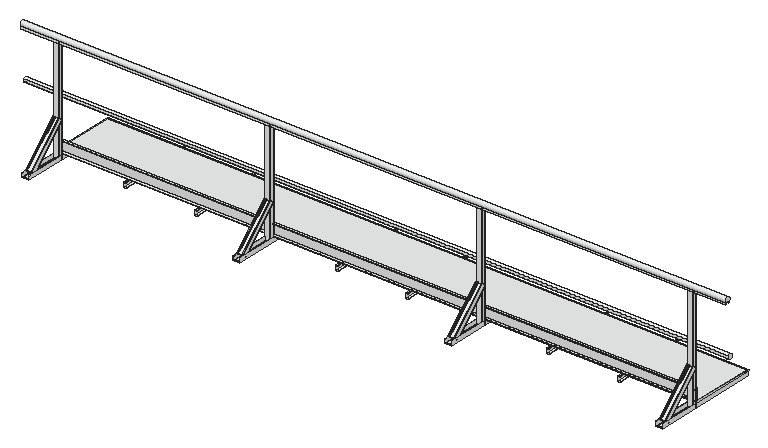
Revit family "Walkway_Kattsafe_Guardrail1Side", category Specialty Equipment, Revit 2025
Family settings
  Round Connector Dimension = Use Diameter
  Part Type = Normal
  OmniClass Number = 23.13.41.19
  Enable Cutting in Views = No
  Cut with Voids When Loaded = No
  Maintain Annotation Orientation = No
  Shared = No
  Room Calculation Point = No
Parameters (values of type "Across Slope (GW4)")
  WalkwayWidth = 600 mm  # constant formula
  WalkwayMaterial = Aluminum_Kattsafe_Mesh_Walkway
  WalkwayAngleEnd2 [instance] = 0.00°
  WalkwayAngleEnd1 [instance] = 0.00°
  Uniclass2015Version = "Products v1.23"
  Uniclass2015Title = "Working platforms"
  Uniclass2015Code = "Pr_40_70_75_96"
  URL = "https://kattsafe.com.au/"
  Type IFC Predefined Type = "USERDEFINED"
  Type Comments = "Walkway - Guardrail 1 Side - Across Slope"
  Toeboard [instance] = yes
  ToeboardEnd2OffsetLengthCalc2 [instance] = if(ToeboardOffsetLengthEnd2 < 0 mm, abs(ToeboardOffsetLengthEnd2), 0 mm)  # 0 mm
  ToeboardEnd2OffsetLengthCalc [instance] = if(ToeboardOffsetLengthEnd2 > 0 mm, ToeboardOffsetLengthEnd2, 0 mm)  # 0 mm
  ToeboardOffsetLengthEnd2 [instance] = 0 mm
  ToeboardEnd1OffsetLengthCalc2 [instance] = if(ToeboardOffsetLengthEnd1 < 0 mm, abs(ToeboardOffsetLengthEnd1), 0 mm)  # 0 mm
  ToeboardEnd1OffsetLengthCalc [instance] = if(ToeboardOffsetLengthEnd1 > 0 mm, ToeboardOffsetLengthEnd1, 0 mm)  # 0 mm
  ToeboardOffsetLengthEnd1 [instance] = 0 mm
  ToeboardAngledOffsetHeight = 63 mm  # constant formula
  SafetyDisclaimer [instance] = "WARNING! The correct placement of access, fall protection and facade maintenance systems is critical to ensure it is fit-for-purpose and safe for the operator to use. Did you know Kattsafe® have a dedicated team of Height Safety System Design Specialists? Kattsafe® provide one-on-one consultation and system design assistance to ensure you are meeting the stringent requirements of height safety and to give you PEACE OF MIND with your project."  # constant formula
  RoofPitchCalc2 [instance] = if(1 = 1, RoofPitchCalc + 90.00°, 0.00°)  # 90.00°
  RoofPitchCalc [instance] = if(and(AcrossSlope, RoofPitch < -7.00°), -7.00°, if(and(AcrossSlope, RoofPitch > 7.00°), 7.00°, if(AcrossSlope, RoofPitch, 0.00°)))  # 0.00°
  RoofPitch [instance] = 0.00°
  RailClosureBendEnd2 [instance] = no
  RailClosureBendEnd1 [instance] = no
  PostsSingleOption [instance] = if(and(([built-in parameter 1001306] - 56 mm - PostOffsetLengthEnd1 - PostOffsetLengthEnd2 - (PostsOffsetLength * 2)) < 1 mm, ([built-in parameter 1001306] - 56 mm - PostOffsetLengthEnd1 - PostOffsetLengthEnd2) > 1999 mm), 1 > 0, 1 < 0)  # no
  PostsActualNumberOf [instance] = PostsOffsetLengthCalc3  # 4
  PostOffsetLengthEnd2 [instance] = 0 mm
  PostsOffsetLengthCalc3 [instance] = if(PostsOffsetLengthCalc > PostsOffsetLengthCalc2, rounddown(PostsOffsetLengthCalc2), PostsOffsetLengthCalc)  # 4
  PostsOffsetLengthCalc2 [instance] = (PostsOverallLength / PostsMaxSpacingLength) + 2  # 4.972
  PostsOffsetLengthCalc [instance] = (PostsOverallLength / PostsMaxSpacingLength) + 2  # 5
  PostsNumberOfCalc3 [instance] = if(and(PostsNumberOfCalc > PostsNumberOfCalc2, PostsOverallLength > PostsMaxSpacingLength * 2), rounddown(PostsNumberOfCalc2), if(PostsOverallLength < (PostsMaxSpacingLength * 2) + 1 mm, 2, PostsNumberOfCalc))  # 2
  PostsNumberOfCalc2 [instance] = (PostsOverallLength / PostsMaxSpacingLength)  # 2.972
  PostsNumberOfCalc [instance] = (PostsOverallLength / PostsMaxSpacingLength)  # 3
  PostsMaxSpacingLength = 2000 mm  # constant formula
  PostsHeight = if(1 = 1, ManufacturerOverallHeightCalc - 42 mm, 0 mm)  # 998 mm
  PostOffsetLengthEnd1 [instance] = 0 mm
  PostsArrayOption [instance] = if(([built-in parameter 1001306] - 56 mm - PostOffsetLengthEnd1 - PostOffsetLengthEnd2 - (PostsOffsetLength * 2)) < 1 mm, 1 < 0, 1 > 0)  # yes
  PostsOverallLength [instance] = ([built-in parameter 1001306] - 56 mm - PostOffsetLengthEnd1 - PostOffsetLengthEnd2)  # 5944 mm
  Material = Aluminum_Kattsafe_Satin
  ManufacturerOverallHeightCalc = if(ManufacturerOverallHeight < 955 mm, 955 mm, if(ManufacturerOverallHeight > 1055 mm, 1055 mm, ManufacturerOverallHeight))  # 1040 mm
  KneerailOffsetHeightCalc2 [instance] = if(KneerailOffsetHeight > 450 mm, 450 mm, KneerailOffsetHeight)  # 435 mm
  KneerailOffsetHeightCalc [instance] = if(or(RailClosureBendEnd1, RailClosureBendEnd2), 435 mm, KneerailOffsetHeightCalc2)  # 435 mm
  KneerailOffsetHeight [instance] = 435 mm
  PostsOffsetLength [instance] = PostsOverallLength / (PostsOffsetLengthCalc3 - 1)  # 1981.333 mm
  KneerailEnd2OverhangLengthCalc [instance] = if(RailClosureBendEnd2, 200 mm, HandrailEnd2OverhangLengthCalc + KneerailOffsetLengthEnd2)  # 300 mm
  KneerailOffsetLengthEnd2 [instance] = 0 mm
  KneerailEnd1OverhangLengthCalc [instance] = if(RailClosureBendEnd1, 200 mm, HandrailEnd1OverhangLengthCalc + KneerailOffsetLengthEnd1)  # 300 mm
  KneerailOffsetLengthEnd1 [instance] = 0 mm
  KneerailAngledOffsetHeight [instance] = KneerailOffsetHeightCalc + (-HandrailAngledOffsetHeight)  # 492 mm
  HandrailEnd2OverhangLengthCalc [instance] = if(RailClosureBendEnd2, 0 mm, HandrailOverhangLengthEnd2)  # 300 mm
  HandrailOverhangLengthEnd2 [instance] = 300 mm
  HandrailEnd1OverhangLengthCalc [instance] = if(RailClosureBendEnd1, 0 mm, HandrailOverhangLengthEnd1)  # 300 mm
  HandrailOverhangLengthEnd1 [instance] = 300 mm
  ModifiedIssue = 20240430
  Model = "GW4"
  ManufacturerURLProductSpecific = "https://kattsafe.com.au/products/guardrails-walkway/guardrail-only-gw"
  ManufacturerSpecCode = Model  # "GW4"
  ManufacturerOverallWidth = WalkwayWidth + 400 mm  # 1000 mm
  ManufacturerOverallLength [instance] = [built-in parameter 1001306]  # 6000 mm
  ManufacturerOverallHeight = 1040 mm
  Manufacturer = "Kattsafe®"  # constant formula
  built-in parameter 1001306 [instance] = 6000 mm
  IfcExportType = "USERDEFINED"
  IfcExportAs = "IfcBuildingElementProxy"
  HandrailClosureAngledOffsetHeight = -532 mm  # constant formula
  HandrailAngledOffsetHeight = -57 mm  # constant formula
  GuardrailHeight = ManufacturerOverallHeightCalc - 55 mm  # 985 mm
  Export Type to IFC As = "IfcBuildingElementProxy"
  ElementType = "Roof Walkway"
  Description = "Kattsafe guardrail systems are the preferred method of safe access across roofs and areas close to a fall edge. The system requires no specialist PPE, personnel or training to safely prevent a fall with a walkway to designate a safe path of access across the roof surface."  # constant formula
  Default Elevation = 0 mm
  CreatedBy = "IGS BIM Solutions"  # constant formula
  CreatedByURL = "https://igsgroup.com.au"
  CleatsSingleOptionCalc [instance] = if(and(CleatsOption, (CleatsNumberOfCalc2 < 2), [built-in parameter 1001306] > CleatsMaxSpacingLength - 1 mm), 1 > 0, 1 < 0)  # no
  CleatsNumberOfCalc3 [instance] = if(CleatsNumberOfCalc2 < 2, 2, CleatsNumberOfCalc2)  # 13
  CleatsArrayOptionCalc [instance] = if(and(CleatsOption, (CleatsNumberOfCalc2 > 1)), 1 > 0, 1 < 0)  # no
  CleatsActualNumberOf [instance] = if(CleatsOption, CleatsNumberOfCalc2, 0)  # 0
  CleatsOption [instance] = and(not(RoofPitch < 10.00°), not(AcrossSlope))  # no
  CleatsNumberOfCalc2 [instance] = if(CleatsNumberOf > CleatsNumberOfCalc, rounddown(CleatsNumberOfCalc), CleatsNumberOf)  # 13
  CleatsNumberOfCalc [instance] = ([built-in parameter 1001306] - (CleatsMaxSpacingLength)) / (CleatsMaxSpacingLength) + 1  # 13.3333
  CleatsNumberOf [instance] = ([built-in parameter 1001306] - (CleatsMaxSpacingLength)) / (CleatsMaxSpacingLength) + 1  # 13
  CleatsMaxSpacingLength [instance] = if(RoofPitch < 15.00°, 450 mm, if(RoofPitch < 18.00°, 400 mm, 350 mm))  # 450 mm
  BattensSingleOption [instance] = if(PostsActualNumberOf < 3, 1 > 0, 1 < 0)  # no
  BattensArrayNumberOf [instance] = if(PostsActualNumberOf < 3, 2, PostsActualNumberOf - 1)  # 3
  BattensArrayOption [instance] = if(PostsActualNumberOf < 3, 1 < 0, 1 > 0)  # yes
  BattensActualNumberOf [instance] = if((PostsOffsetLength) < 670 mm, 0, if((PostsOffsetLength) < 1000 mm, (BattensArrayNumberOf), ((BattensArrayNumberOf) * 2)))  # 6
  Assembly Code = "E1090100"
  AcrossSlope = yes
Types (2, lengths in mm): name | ManufacturerURLProductSpecific | AcrossSlope
  Across Slope (GW4) | "https://kattsafe.com.au/products/guardrails-walkway/guardrail-only-gw" | yes
  Along Slope (GW4) | "https://kattsafe.com.au/products/guardrails-walkway/guardrail-and-walkway-gw" | no
Reference planes
  plane 1 "Walkway_Front_Calc": y = -600
  plane 2 "Bottom": z = 0
  plane 3 "Left": x = 0
  plane 4 "Right": x = 6000
  plane 5 "Top": z = 1040
  plane 6 "Front": y = -1000
  plane 7 "Walkway_Front": y = -600
  plane 8 "Walkway_Bottom": z = 42
  plane 9 "Post_Centre (Front/Back)": y = -619
  plane 10 "Kneerail_Top": z = 548
  plane 11 "Handrail_Bottom": z = 983
  plane 12 "Post_Array_Left": x = 2009.333
  plane 13 "Post_Array_Right": x = 3990.667
  plane 14 "Center (Front/Back)": y = -300
  plane 15 "Center (Left/Right)": x = 3000
  plane 16 "Post_Left_Centre (Left/Right)": x = 28
  plane 17 "Kneerail_Left": x = -300
  plane 18 "Post_Left": x = 0
  plane 19 "Handrail_Left": x = -300
  plane 20 "Post_Right_Centre (Left/Right)": x = 5972
  plane 21 "Kneerail_Right": x = 6300
  plane 22 "Post_Right": x = 6000
  plane 23 "Handrail_Right": x = 6300
  plane 24 "Walkway_Top": z = 55
  plane 25 "Cleat_Left": x = 450
  plane 26 "Cleat_Right": x = 900
  plane 27 "Post_Front": y = -638
  plane 28 "Left_Calc": x = 0
  plane 29 "Right_Calc": x = 6000
  plane 30 "Toeboard_Bottom": z = 65
  plane 31 "Back": y = 0
  plane 32 "Toeboard_Left": x = 0
  plane 33 "Toeboard_Left_Calc": x = 0
  plane 34 "Toeboard_Right": x = 6000
  plane 35 "Toeboard_Right_Calc": x = 6000
Lines and regions (mm)
  reference lines
    curve 1: line (0, -600, 0) -> (6000, -600, 0)
    curve 2: line (0, -600, 0) -> (0.961, -600, 0)
    curve 3: line (6000, -600, 0) -> (5998.961, -600, 0)
    curve 4: line (0, -638, 0) -> (0, -638, 1040)
    curve 5: line (0, -600, 55) -> (0, 0, 55)
    curve 6: line (6000, -600, 55) -> (6000, 0, 55)
Text (mm)
  text "Disclaimer:\nDue to ongoing product development and manufacturing \nevolution, product details are subject to change without \nnotice. Please refer to product technical data sheets on \nthe manufacturers website for the most current product \ninformation. Please allow a +/- 5mm manufacturing \ntolerance for dimensions and set-outs shown in product \nliterature." at (10360.567, 2349.183, 0), in view "Ref. Level"
Dimensions and locks
  "built-in parameter 1001306": plane 3 "Left" to plane 4 "Right"
  "ManufacturerOverallHeightCalc": plane 5 "Top" to plane 2 "Bottom"
  "KneerailOffsetHeightCalc": plane 11 "Handrail_Bottom" to plane 10 "Kneerail_Top"
  "PostsOffsetLength": plane 13 "Post_Array_Right" to plane 20 "Post_Right_Centre (Left/Right)"
  locked: plane 5 "Top" to plane 11 "Handrail_Bottom" at 57
  locked: plane 6 "Front" to plane 7 "Walkway_Front" at 400
  "PostsOffsetLength": plane 16 "Post_Left_Centre (Left/Right)" to plane 12 "Post_Array_Left"
  group 1 to group 2 = 1981.333 mm
  group 1 to group 2 = 0 mm  (x2)
  locked: plane 7 "Walkway_Front" to plane 9 "Post_Centre (Front/Back)" at 19
  locked: plane 18 "Post_Left" to plane 16 "Post_Left_Centre (Left/Right)" at 28
  "PostOffsetLengthEnd1": plane 28 "Left_Calc" to plane 18 "Post_Left"
  "HandrailEnd1OverhangLengthCalc": plane 19 "Handrail_Left" to plane 18 "Post_Left"
  "KneerailEnd1OverhangLengthCalc": plane 17 "Kneerail_Left" to plane 18 "Post_Left"
  locked: plane 22 "Post_Right" to plane 20 "Post_Right_Centre (Left/Right)" at 28
  equal spacing: plane 3 "Left", plane 15 "Center (Left/Right)", plane 4 "Right"
  "PostOffsetLengthEnd2": plane 22 "Post_Right" to plane 29 "Right_Calc"
  "KneerailEnd2OverhangLengthCalc": plane 22 "Post_Right" to plane 21 "Kneerail_Right"
  "HandrailEnd2OverhangLengthCalc": plane 22 "Post_Right" to plane 23 "Handrail_Right"
  locked: plane 8 "Walkway_Bottom" to plane 2 "Bottom" at 42
  locked: plane 24 "Walkway_Top" to plane 8 "Walkway_Bottom" at 13
  "CleatsMaxSpacingLength": plane 3 "Left" to plane 25 "Cleat_Left"
  "CleatsMaxSpacingLength": plane 25 "Cleat_Left" to plane 26 "Cleat_Right"
  equal spacing: group 3, group 4, group 7, group 8, group 9, group 10, group 11, group 12, group 13, group 14, group 15, group 16, group 17  (x3)
  equal spacing: group 5, group 6, group 18  (x3)
  "ManufacturerOverallHeightCalc": curve 4 to curve 4
  locked: curve 4 to nested 13 at 19
  locked: curve 4 to nested 14 at 38
  locked: curve 4 to nested 15 at 19
  locked: plane 3 "Left" to plane 28 "Left_Calc"
  locked: plane 29 "Right_Calc" to plane 4 "Right"
  curve 4 to nested 29 = 41 mm
  locked: plane 30 "Toeboard_Bottom" to plane 24 "Walkway_Top" at 10
  equal spacing: plane 31 "Back", plane 14 "Center (Front/Back)", plane 7 "Walkway_Front"
  "WalkwayWidth": plane 31 "Back" to plane 7 "Walkway_Front"
  locked: plane 1 "Walkway_Front_Calc" to plane 7 "Walkway_Front" at 0
  "ToeboardEnd1OffsetLengthCalc": plane 33 "Toeboard_Left_Calc" to plane 28 "Left_Calc"
  "ToeboardEnd1OffsetLengthCalc2": plane 33 "Toeboard_Left_Calc" to plane 32 "Toeboard_Left"
  "ToeboardEnd2OffsetLengthCalc": plane 29 "Right_Calc" to plane 35 "Toeboard_Right_Calc"
  "ToeboardEnd2OffsetLengthCalc2": plane 34 "Toeboard_Right" to plane 35 "Toeboard_Right_Calc"
  "RoofPitchCalc2": angle plane 2 "Bottom" to curve 4
  "WalkwayAngleEnd1": angle curve 5 to plane 3 "Left"
  "WalkwayAngleEnd2": angle plane 29 "Right_Calc" to curve 6
  aligned and locked: plane 4 "Right" to curve 1
  aligned and locked: plane 1 "Walkway_Front_Calc" to curve 1
  aligned and locked: plane 3 "Left" to curve 1
  aligned and locked: level to plane 2 "Bottom"
  aligned and locked: plane 4 "Right" to curve 3
  aligned and locked: plane 3 "Left" to nested 1
  aligned and locked: plane 2 "Bottom" to nested 2
  aligned and locked: plane 2 "Bottom" to nested 3
  aligned and locked: plane 12 "Post_Array_Left" to nested 4
  aligned and locked: plane 13 "Post_Array_Right" to nested 5
  aligned and locked: plane 2 "Bottom" to nested 5
  aligned and locked: plane 2 "Bottom" to nested 4
  aligned and locked: nested 1 to plane 4 "Right"
  aligned and locked: plane 12 "Post_Array_Left" to nested 6
  aligned and locked: plane 18 "Post_Left" to nested 2
  aligned and locked: plane 22 "Post_Right" to nested 3
  aligned and locked: plane 25 "Cleat_Left" to nested 7
  aligned and locked: plane 24 "Walkway_Top" to nested 7
  aligned and locked: plane 26 "Cleat_Right" to nested 8
  aligned and locked: plane 24 "Walkway_Top" to nested 8
  aligned and locked: nested 8 to plane 24 "Walkway_Top"
  aligned and locked: plane 16 "Post_Left_Centre (Left/Right)" to nested 9
  aligned and locked: plane 14 "Center (Front/Back)" to nested 9
  aligned and locked: plane 2 "Bottom" to nested 9
  aligned and locked: plane 12 "Post_Array_Left" to nested 10
  aligned and locked: plane 14 "Center (Front/Back)" to nested 10
  aligned and locked: plane 2 "Bottom" to nested 10
  aligned and locked: plane 16 "Post_Left_Centre (Left/Right)" to nested 11
  aligned and locked: plane 14 "Center (Front/Back)" to nested 11
  aligned and locked: plane 2 "Bottom" to nested 11
  aligned and locked: plane 25 "Cleat_Left" to nested 12
  aligned and locked: plane 24 "Walkway_Top" to nested 12
  aligned and locked: plane 2 "Bottom" to curve 4
  aligned and locked: plane 27 "Post_Front" to curve 4
  aligned and locked: nested 15 to plane 19 "Handrail_Left"
  aligned and locked: plane 19 "Handrail_Left" to nested 13
  aligned and locked: plane 17 "Kneerail_Left" to nested 14
  aligned and locked: plane 21 "Kneerail_Right" to nested 14
  aligned and locked: plane 23 "Handrail_Right" to nested 13
  aligned and locked: plane 23 "Handrail_Right" to nested 16
  aligned and locked: plane 7 "Walkway_Front" to curve 5
  aligned and locked: plane 3 "Left" to curve 5
  aligned and locked: plane 29 "Right_Calc" to curve 6
  aligned and locked: plane 7 "Walkway_Front" to curve 6
  aligned and locked: plane 7 "Walkway_Front" to nested 1
  aligned and locked: plane 7 "Walkway_Front" to nested 12
  aligned and locked: plane 7 "Walkway_Front" to nested 7
  aligned and locked: plane 7 "Walkway_Front" to nested 27
  aligned and locked: plane 7 "Walkway_Front" to nested 8
  aligned and locked: nested 2 to plane 7 "Walkway_Front"
  aligned and locked: nested 6 to plane 7 "Walkway_Front"
  aligned and locked: nested 4 to plane 7 "Walkway_Front"
  aligned and locked: nested 5 to plane 7 "Walkway_Front"
  aligned and locked: nested 3 to plane 7 "Walkway_Front"
  aligned and locked: plane 31 "Back" to curve 5
  aligned and locked: plane 31 "Back" to curve 6
  aligned and locked: plane 32 "Toeboard_Left" to nested 29
  aligned and locked: plane 34 "Toeboard_Right" to nested 29
Automatic sketch dimensions
  plane 3 "Left" to curve 2 = 0.961 mm
  curve 3 to plane 4 "Right" = 1.039 mm
  curve 2 to plane 3 "Left" = 0 mm
  plane 1 "Walkway_Front_Calc" to curve 3 = 0 mm
  plane 1 "Walkway_Front_Calc" to curve 2 = 0 mm
Nested families
  nested 1: "z_Walkway_Kattsafe_Aluminium" at (25.785, -300, 42), Material <- "Material", ManufacturerOverallWidth <- "WalkwayWidth", End1_Angle <- "WalkwayAngleEnd1", End2_Angle <- "WalkwayAngleEnd2", WalkwayMaterial <- "WalkwayMaterial", type "GW335.6000"
    with WalkwayMaterial Aluminum_Kattsafe_Mesh_Walkway, Material Aluminum_Kattsafe_Satin, ManufacturerOverallWidth 600 mm, ManufacturerOverallLength 6000 mm, End2_Angle_Calc 90.00°, End2_Angle 0.00°, End1_Angle_Calc 90.00°, End1_Angle 0.00°
  nested 2: "z_Walkway_RoofMount_Kattsafe_Guardrail" at (58.285, -600, 0), ManufacturerOverallHeight <- "PostsHeight", RoofPitch <- "RoofPitchCalc", Material <- "Material", type "GW354"
    with RoofPitch_Calc 90.00°, RoofPitch 0.00°, Material Aluminum_Kattsafe_Satin, ManufacturerOverallHeight 998 mm
  nested 3: "z_Walkway_RoofMount_Kattsafe_Guardrail" at (5993.285, -600, 0), ManufacturerOverallHeight <- "PostsHeight", RoofPitch <- "RoofPitchCalc", Material <- "Material", type "GW354"
    with RoofPitch_Calc 90.00°, RoofPitch 0.00°, Material Aluminum_Kattsafe_Satin, ManufacturerOverallHeight 998 mm
  nested 4: "z_Walkway_RoofMount_Kattsafe_Guardrail" at (2035.118, -600, 0), ManufacturerOverallHeight <- "PostsHeight", visible <- "PostsArrayOption", RoofPitch <- "RoofPitchCalc", Material <- "Material", type "GW354"
    with RoofPitch_Calc 90.00°, RoofPitch 0.00°, Material Aluminum_Kattsafe_Satin, ManufacturerOverallHeight 998 mm
  nested 5: "z_Walkway_RoofMount_Kattsafe_Guardrail" at (4016.451, -600, 0), ManufacturerOverallHeight <- "PostsHeight", visible <- "PostsArrayOption", RoofPitch <- "RoofPitchCalc", Material <- "Material", type "GW354"
    with RoofPitch_Calc 90.00°, RoofPitch 0.00°, Material Aluminum_Kattsafe_Satin, ManufacturerOverallHeight 998 mm
  nested 6: "z_Walkway_RoofMount_Kattsafe_Guardrail" at (2035.118, -600, 0), ManufacturerOverallHeight <- "PostsHeight", visible <- "PostsSingleOption", RoofPitch <- "RoofPitchCalc", Material <- "Material", type "GW354"
    with RoofPitch_Calc 90.00°, RoofPitch 0.00°, Material Aluminum_Kattsafe_Satin, ManufacturerOverallHeight 998 mm
  nested 7: "z_WalkwayCleat_Kattsafe" at (463.562, -25.785, 55) x (0, -1, 0) z (0, 0, 1), ManufacturerOverallLength <- "WalkwayWidth", visible <- "CleatsArrayOptionCalc", Material <- "Material", type "GW340"
    with Material Aluminum_Kattsafe_Satin, ManufacturerOverallLength 600 mm
  nested 8: "z_WalkwayCleat_Kattsafe" at (913.562, -25.785, 55) x (0, -1, 0) z (0, 0, 1), ManufacturerOverallLength <- "WalkwayWidth", visible <- "CleatsArrayOptionCalc", Material <- "Material", type "GW340"
    with Material Aluminum_Kattsafe_Satin, ManufacturerOverallLength 600 mm
  nested 9: "z_Walkway_Batten_Kattsafe_Array" at (53.785, 50, 0), ManufacturerOverallLength <- "PostsOffsetLength", visible <- "BattensArrayOption", Material <- "Material", type "GW359D.700"
    with Material Aluminum_Kattsafe_Satin, ManufacturerOverallLength 1981.333 mm, Batten_Offset_Length_Calc3 3, Batten_Offset_Length_Calc2 3.9572, Batten_Offset_Length_Calc 4, Batten_Offset_Length 660.444 mm, Batten_Max_Spacing_Length 670 mm, Batten_2_Option yes, Batten_1_Option yes
  nested 10: "z_Walkway_Batten_Kattsafe_Array" at (2035.118, 50, 0), ManufacturerOverallLength <- "PostsOffsetLength", visible <- "BattensArrayOption", Material <- "Material", type "GW359D.700"
    with Material Aluminum_Kattsafe_Satin, ManufacturerOverallLength 1981.333 mm, Batten_Offset_Length_Calc3 3, Batten_Offset_Length_Calc2 3.9572, Batten_Offset_Length_Calc 4, Batten_Offset_Length 660.444 mm, Batten_Max_Spacing_Length 670 mm, Batten_2_Option yes, Batten_1_Option yes
  nested 11: "z_Walkway_Batten_Kattsafe_Array" at (53.785, 50, 0), ManufacturerOverallLength <- "PostsOffsetLength", visible <- "BattensSingleOption", Material <- "Material", type "GW359D.700"
    with Material Aluminum_Kattsafe_Satin, ManufacturerOverallLength 1981.333 mm, Batten_Offset_Length_Calc3 3, Batten_Offset_Length_Calc2 3.9572, Batten_Offset_Length_Calc 4, Batten_Offset_Length 660.444 mm, Batten_Max_Spacing_Length 670 mm, Batten_2_Option yes, Batten_1_Option yes
  nested 12: "z_WalkwayCleat_Kattsafe" at (463.562, -25.785, 55) x (0, -1, 0) z (0, 0, 1), ManufacturerOverallLength <- "WalkwayWidth", visible <- "CleatsSingleOptionCalc", Material <- "Material", type "GW340"
    with Material Aluminum_Kattsafe_Satin, ManufacturerOverallLength 600 mm
  nested 13: "z_Guardrail_Kattsafe_HandrailTube" at (-274.215, -619, 983), built-in parameter 1001364 <- "HandrailAngledOffsetHeight", Material <- "Material", type "GW374"
    with Material Aluminum_Kattsafe_Satin, ManufacturerOverallLength 6600 mm
  nested 14: "z_Guardrail_Kattsafe_KneerailTube" at (-274.215, -582.85, 548) x (1, 0, 0) z (0, 0, -1), built-in parameter 1001364 <- "KneerailAngledOffsetHeight", Material <- "Material", type "GW375"
    with Material Aluminum_Kattsafe_Satin, ManufacturerOverallLength 6600 mm
  nested 15: "z_Guardrail_Kattsafe_HandrailClosureBend" at (-674.215, -619, 508), built-in parameter 1001364 <- "HandrailClosureAngledOffsetHeight", visible <- "RailClosureBendEnd1", Material <- "Material", type "GW387"
    with Material Aluminum_Kattsafe_Satin, ManufacturerOverallLength 400 mm
  nested 16: "z_Guardrail_Kattsafe_HandrailClosureBend" at (6674.215, -619, 508) x (-1, 0, 0) z (0, 0, 1), built-in parameter 1001364 <- "HandrailClosureAngledOffsetHeight", visible <- "RailClosureBendEnd2", Material <- "Material", type "GW387"
    with Material Aluminum_Kattsafe_Satin, ManufacturerOverallLength 400 mm
  nested 17: "z_WalkwayCleat_Kattsafe" at (1363.562, -25.785, 55) x (0, -1, 0) z (0, 0, 1), ManufacturerOverallLength <- "WalkwayWidth", visible <- "CleatsArrayOptionCalc", Material <- "Material", type "GW340"
    with Material Aluminum_Kattsafe_Satin, ManufacturerOverallLength 600 mm
  nested 18: "z_WalkwayCleat_Kattsafe" at (1813.562, -25.785, 55) x (0, -1, 0) z (0, 0, 1), ManufacturerOverallLength <- "WalkwayWidth", visible <- "CleatsArrayOptionCalc", Material <- "Material", type "GW340"
    with Material Aluminum_Kattsafe_Satin, ManufacturerOverallLength 600 mm
  nested 19: "z_WalkwayCleat_Kattsafe" at (2263.562, -25.785, 55) x (0, -1, 0) z (0, 0, 1), ManufacturerOverallLength <- "WalkwayWidth", visible <- "CleatsArrayOptionCalc", Material <- "Material", type "GW340"
    with Material Aluminum_Kattsafe_Satin, ManufacturerOverallLength 600 mm
  nested 20: "z_WalkwayCleat_Kattsafe" at (2713.562, -25.785, 55) x (0, -1, 0) z (0, 0, 1), ManufacturerOverallLength <- "WalkwayWidth", visible <- "CleatsArrayOptionCalc", Material <- "Material", type "GW340"
    with Material Aluminum_Kattsafe_Satin, ManufacturerOverallLength 600 mm
  nested 21: "z_WalkwayCleat_Kattsafe" at (3163.562, -25.785, 55) x (0, -1, 0) z (0, 0, 1), ManufacturerOverallLength <- "WalkwayWidth", visible <- "CleatsArrayOptionCalc", Material <- "Material", type "GW340"
    with Material Aluminum_Kattsafe_Satin, ManufacturerOverallLength 600 mm
  nested 22: "z_WalkwayCleat_Kattsafe" at (3613.562, -25.785, 55) x (0, -1, 0) z (0, 0, 1), ManufacturerOverallLength <- "WalkwayWidth", visible <- "CleatsArrayOptionCalc", Material <- "Material", type "GW340"
    with Material Aluminum_Kattsafe_Satin, ManufacturerOverallLength 600 mm
  nested 23: "z_WalkwayCleat_Kattsafe" at (4063.562, -25.785, 55) x (0, -1, 0) z (0, 0, 1), ManufacturerOverallLength <- "WalkwayWidth", visible <- "CleatsArrayOptionCalc", Material <- "Material", type "GW340"
    with Material Aluminum_Kattsafe_Satin, ManufacturerOverallLength 600 mm
  nested 24: "z_WalkwayCleat_Kattsafe" at (4513.562, -25.785, 55) x (0, -1, 0) z (0, 0, 1), ManufacturerOverallLength <- "WalkwayWidth", visible <- "CleatsArrayOptionCalc", Material <- "Material", type "GW340"
    with Material Aluminum_Kattsafe_Satin, ManufacturerOverallLength 600 mm
  nested 25: "z_WalkwayCleat_Kattsafe" at (4963.562, -25.785, 55) x (0, -1, 0) z (0, 0, 1), ManufacturerOverallLength <- "WalkwayWidth", visible <- "CleatsArrayOptionCalc", Material <- "Material", type "GW340"
    with Material Aluminum_Kattsafe_Satin, ManufacturerOverallLength 600 mm
  nested 26: "z_WalkwayCleat_Kattsafe" at (5413.562, -25.785, 55) x (0, -1, 0) z (0, 0, 1), ManufacturerOverallLength <- "WalkwayWidth", visible <- "CleatsArrayOptionCalc", Material <- "Material", type "GW340"
    with Material Aluminum_Kattsafe_Satin, ManufacturerOverallLength 600 mm
  nested 27: "z_WalkwayCleat_Kattsafe" at (5863.562, -25.785, 55) x (0, -1, 0) z (0, 0, 1), ManufacturerOverallLength <- "WalkwayWidth", visible <- "CleatsArrayOptionCalc", Material <- "Material", type "GW340"
    with Material Aluminum_Kattsafe_Satin, ManufacturerOverallLength 600 mm
  nested 28: "z_Walkway_Batten_Kattsafe_Array" at (4016.451, 50, 0), ManufacturerOverallLength <- "PostsOffsetLength", visible <- "BattensArrayOption", Material <- "Material", type "GW359D.700"
    with Material Aluminum_Kattsafe_Satin, ManufacturerOverallLength 1981.333 mm, Batten_Offset_Length_Calc3 3, Batten_Offset_Length_Calc2 3.9572, Batten_Offset_Length_Calc 4, Batten_Offset_Length 660.444 mm, Batten_Max_Spacing_Length 670 mm, Batten_2_Option yes, Batten_1_Option yes
  nested 29: "z_Guardrail_Kattsafe_ToeBoard" at (25.785, -609.5, 63), built-in parameter 1001364 <- "ToeboardAngledOffsetHeight", visible <- "Toeboard", Material <- "Material", type "GW320"
    with Material Aluminum_Kattsafe_Satin, ManufacturerOverallLength 6000 mm
Definition of nested family "z_Walkway_Kattsafe_Aluminium"
  Parameters (values of type "GW335.6000")
    WalkwayMaterial [instance] = none
    URL = "https://kattsafe.com.au/"
    Type Comments = ""
    ModifiedIssue = 20190911
    Model = "GW335.6000"
    Material [instance] = none
    ManufacturerURLProductSpecific = ""
    ManufacturerSpecCode = Model  # "GW335.6000"
    ManufacturerOverallWidth [instance] = 600 mm
    ManufacturerOverallLength [instance] = 6000 mm
    ManufacturerOverallHeight = 13 mm  # constant formula
    Manufacturer = "SAYFA"  # constant formula
    Keynote = ""
    End2_Angle_Calc [instance] = if(1 = 1, End2_Angle + 90.00°, 0.00°)  # 90.00°
    End2_Angle [instance] = 0.00°
    End1_Angle_Calc [instance] = if(1 = 1, End1_Angle + 90.00°, 0.00°)  # 90.00°
    End1_Angle [instance] = 0.00°
    Description = "Pace 600 Aluminium Walkway Mesh"
    Default Elevation = 0 mm  # constant formula
    CreatedBy = "IGS BIM Solutions"  # constant formula
    CreatedByURL = "https://igsgroup.com.au"
  Reference planes
    plane 1 "Bottom": z = 0
    plane 2 "Center (Front/Back)": y = 0
    plane 3 "Front": y = -300
    plane 4 "Left": x = -25.785
    plane 5 "Center (Left/Right)": x = 2974.215
    plane 6 "Top": z = 13
    plane 7 "Right": x = 5974.215
    plane 8 "Back": y = 300
    plane 9 "InsetBack": y = 299
    plane 10 "InsetFront": y = -299
  Forms (mm)
    Extrusion 1, solid, material <- "Material"
      sketch origin (0, 0, 0) x (1, 0, 0) y (0, 1, 0)
        loop
          line (-25.785, 300) -> (-25.785, -300) -> (5974.215, -300) -> (5974.215, 300) -> (-25.785, 300)
        loop
          line (-24.785, 299) -> (-24.785, -299) -> (5973.215, -299) -> (5973.215, 299) -> (-24.785, 299)
      from 0 to 13
    Extrusion 2, solid, material <- "WalkwayMaterial"
      sketch origin (0, 0, 0) x (1, 0, 0) y (0, 1, 0)
        loop
          line (-24.785, 299) -> (-24.785, -299) -> (5973.215, -299) -> (5973.215, 299) -> (-24.785, 299)
      from 0 to 13
  Lines and regions (mm)
    reference lines
      curve 1: line (-25.785, -300, 0) -> (-25.785, 300, 0)
      curve 2: line (5974.215, -300, 0) -> (5974.215, 300, 0)
      curve 3: line (-24.785, 300, 0) -> (-24.785, -300, 0)
      curve 4: line (5973.215, -300, 0) -> (5973.215, 300, 0)
  Dimensions and locks
    "ManufacturerOverallWidth": plane 8 "Back" to plane 3 "Front"
    "ManufacturerOverallHeight": plane 6 "Top" to plane 1 "Bottom"
    equal spacing: plane 4 "Left", plane 5 "Center (Left/Right)", plane 7 "Right"
    "ManufacturerOverallLength": plane 4 "Left" to plane 7 "Right"
    equal spacing: plane 8 "Back", plane 2 "Center (Front/Back)", plane 3 "Front"
    locked: plane 9 "InsetBack" to plane 8 "Back" at 1
    locked: plane 10 "InsetFront" to plane 3 "Front" at 1
    locked: curve 3 to curve 1 at 1
    locked: curve 2 to curve 4 at 1
    "End1_Angle_Calc": angle curve 1 to plane 3 "Front"
    "End2_Angle_Calc": angle plane 3 "Front" to curve 2
    "End1_Angle_Calc": angle curve 3 to plane 3 "Front"
    "End2_Angle_Calc": angle plane 3 "Front" to curve 4
    aligned and locked: plane 1 "Bottom" to level
    aligned and locked: Extrusion 1 to plane 3 "Front"
    aligned and locked: Extrusion 1 to plane 8 "Back"
    aligned and locked: Extrusion 1 to plane 1 "Bottom"
    aligned and locked: Extrusion 1 to plane 6 "Top"
    aligned and locked: plane 4 "Left" to curve 1
    aligned and locked: plane 3 "Front" to curve 1
    aligned and locked: plane 8 "Back" to curve 1
    aligned and locked: plane 7 "Right" to curve 2
    aligned and locked: plane 3 "Front" to curve 2
    aligned and locked: plane 8 "Back" to curve 2
    aligned and locked: plane 9 "InsetBack" to Extrusion 1 sketch curve
    aligned and locked: plane 10 "InsetFront" to Extrusion 1 sketch curve
    aligned and locked: plane 9 "InsetBack" to Extrusion 2 sketch curve
    aligned and locked: plane 10 "InsetFront" to Extrusion 2 sketch curve
    aligned and locked: Extrusion 2 to plane 6 "Top"
    aligned and locked: Extrusion 2 to plane 1 "Bottom"
    aligned and locked: plane 3 "Front" to curve 3
    aligned and locked: plane 8 "Back" to curve 3
    aligned and locked: plane 3 "Front" to curve 4
    aligned and locked: plane 8 "Back" to curve 4
    aligned and locked: Extrusion 2 sketch curve to curve 4
    aligned and locked: Extrusion 2 sketch curve to curve 3
    aligned and locked: Extrusion 1 sketch curve to curve 3
    aligned and locked: Extrusion 1 sketch curve to curve 1
    aligned and locked: Extrusion 1 sketch curve to curve 4
    aligned and locked: Extrusion 1 sketch curve to curve 2
  Automatic sketch dimensions
    plane 8 "Back" to Extrusion 1 sketch curve = 0 mm
    Extrusion 1 sketch curve to plane 3 "Front" = 0 mm
Definition of nested family "z_Walkway_RoofMount_Kattsafe_Guardrail"
  Parameters (values of type "GW354")
    URL = "https://kattsafe.com.au/"
    Type Comments = ""
    RoofPitch_Calc [instance] = if(1 = 1, RoofPitch + 90.00°, 0.00°)  # 90.00°
    RoofPitch [instance] = 0.00°
    ModifiedIssue = 20190918
    Model = "GW354"
    Material [instance] = none
    ManufacturerURLProductSpecific = ""
    ManufacturerSpecCode = Model  # "GW354"
    ManufacturerOverallWidth = 65 mm  # constant formula
    ManufacturerOverallHeight [instance] = 1058 mm
    ManufacturerOverallDepth = 1000 mm  # constant formula
    Manufacturer = "SAYFA"  # constant formula
    Keynote = ""
    Description = "Sentry Roof Mount Guardrail Post with Walkway Support"
    Default Elevation = 0 mm  # constant formula
    CreatedBy = "IGS BIM Solutions"  # constant formula
    CreatedByURL = "https://igsgroup.com.au"
  Reference planes
    plane 1 "Bottom": z = 0
    plane 2 "Post_Back": y = 0
    plane 3 "Post_Front": y = -38
    plane 4 "Center (Left/Right)": x = -25.785
    plane 5 "Top": z = 1058
    plane 6 "Post_Right": x = 2.215
    plane 7 "Post_Left": x = -53.785
    plane 8 "Front": y = -400
    plane 9 "Base Channel_Top": z = 38
    plane 10 "Post_Centre (Front/Back)": y = -19
    plane 11 "Brace_Top": z = 356.198
    plane 12 "Left": x = -58.285
    plane 13 "Right": x = 6.715
    plane 14 "Back": y = 600
  Forms (mm)
    Sweep 1, solid, material <- "Material"
      path origin (-25.785, 0, 0) x (0, 1, 0) y (0, 0, 1)
        loop
          line (600, 38) -> (-400, 38)
      profile origin (-25.785, 100, 38) x (0, 0, -1) y (1, 0, 0)
        loop
          line (38, 32.5) -> (1.5, 32.5)
          arc (1.5, 32.5) -> (0, 31) -> (1.5, 29.5) r 1.5
          line (1.5, 29.5) -> (35, 29.5) -> (35, 19.5) -> (32.5, 19.5)
          arc (32.5, 19.5) -> (32, 19) -> (32.5, 18.5) r 0.5
          line (32.5, 18.5) -> (35, 18.5) -> (35, -18.5) -> (32.5, -18.5)
          arc (32.5, -18.5) -> (32, -19) -> (32.5, -19.5) r 0.5
          line (32.5, -19.5) -> (35, -19.5) -> (35, -29.5) -> (1.5, -29.5)
          arc (1.5, -29.5) -> (0, -31) -> (1.5, -32.5) r 1.5
          line (1.5, -32.5) -> (38, -32.5) -> (38, 32.5)
    SweptBlend 2, solid, material <- "Material"
      path origin (-25.785, 0, 0) x (0, 1, 0) y (0, 0, 1)
        loop
          line (-38.011, 356.198) -> (-356.209, 38)
      profile origin (-25.785, -38.011, 356.198) x (0, 0.707107, -0.707107) y (1, 0, 0)
        loop
          line (0, 32.5) -> (0, -32.5) -> (36.5, -32.5)
          arc (36.5, -32.5) -> (38, -31) -> (36.5, -29.5) r 1.5
          line (36.5, -29.5) -> (3, -29.5) -> (3, -19.5) -> (5.5, -19.5)
          arc (5.5, -19.5) -> (6, -19) -> (5.5, -18.5) r 0.5
          line (5.5, -18.5) -> (3, -18.5) -> (3, 18.5) -> (5.5, 18.5)
          arc (5.5, 18.5) -> (6, 19) -> (5.5, 19.5) r 0.5
          line (5.5, 19.5) -> (3, 19.5) -> (3, 29.5) -> (36.5, 29.5)
          arc (36.5, 29.5) -> (38, 31) -> (36.5, 32.5) r 1.5
          line (36.5, 32.5) -> (0, 32.5)
      end profile origin (-25.785, -356.209, 38) x (0, 0.707107, -0.707107) y (1, 0, 0)
        loop
          line (0, 29.5) -> (0, -35.5) -> (36.5, -35.5)
          arc (36.5, -35.5) -> (38, -34) -> (36.5, -32.5) r 1.5
          line (36.5, -32.5) -> (3, -32.5) -> (3, -22.5) -> (5.5, -22.5)
          arc (5.5, -22.5) -> (6, -22) -> (5.5, -21.5) r 0.5
          line (5.5, -21.5) -> (3, -21.5) -> (3, 15.5) -> (5.5, 15.5)
          arc (5.5, 15.5) -> (6, 16) -> (5.5, 16.5) r 0.5
          line (5.5, 16.5) -> (3, 16.5) -> (3, 26.5) -> (36.5, 26.5)
          arc (36.5, 26.5) -> (38, 28) -> (36.5, 29.5) r 1.5
          line (36.5, 29.5) -> (0, 29.5)
    Sweep 3, solid, material <- "Material"
      path origin (-25.785, 0, 0) x (0, 1, 0) y (0, 0, 1)
        loop
          line (-38, 0) -> (-38, 1058)
      profile origin (-25.785, -38, 529) x (0, -1, 0) y (1, 0, 0)
        loop
          arc (-38, -23) -> (-36.536, -26.536) -> (-33, -28) r 5
          line (-33, -28) -> (-5, -28)
          arc (-5, -28) -> (-1.464, -26.536) -> (0, -23) r 5
          line (0, -23) -> (0, 23)
          arc (0, 23) -> (-1.464, 26.536) -> (-5, 28) r 5
          line (-5, 28) -> (-33, 28)
          arc (-33, 28) -> (-36.536, 26.536) -> (-38, 23) r 5
          line (-38, 23) -> (-38, -23)
  Lines and regions (mm)
    reference lines
      curve 1: line (-25.785, -38, 356.209) -> (-25.785, -356.209, 38)
      curve 2: line (-25.785, -38, 0) -> (-25.785, -38, 1058)
  Dimensions and locks
    "ManufacturerOverallHeight": plane 5 "Top" to plane 1 "Bottom"
    locked: plane 7 "Post_Left" to plane 6 "Post_Right" at 56
    "ManufacturerOverallDepth": plane 14 "Back" to plane 8 "Front"
    equal spacing: plane 7 "Post_Left", plane 4 "Center (Left/Right)", plane 6 "Post_Right"
    locked: plane 9 "Base Channel_Top" to plane 1 "Bottom" at 38
    Sweep 1 sketch curve to profile plane to Sweep 1 sketch curve = 32.5 mm locked, 32.5 mm locked
    Sweep 1 sketch curve to profile plane to Sweep 1 sketch curve = 29.5 mm locked, 29.5 mm locked
    locked: profile plane to Sweep 1 sketch curve
    locked: profile plane to Sweep 1 sketch curve at 0
    locked: profile plane to Sweep 1 sketch curve at 35  (x3)
    profile plane to Sweep 1 sketch curve = 38 mm
    equal spacing: plane 3 "Post_Front", plane 10 "Post_Centre (Front/Back)", plane 2 "Post_Back"
    profile plane to Sweep 1 sketch curve = 32 mm  (x2)
    Sweep 1 sketch curve to profile plane to Sweep 1 sketch curve = 18.5 mm locked, 18.5 mm locked
    Sweep 1 sketch curve to profile plane to Sweep 1 sketch curve = 19.5 mm locked, 19.5 mm locked
    equal spacing: plane 12 "Left", plane 4 "Center (Left/Right)", plane 13 "Right"
    "ManufacturerOverallWidth": plane 12 "Left" to plane 13 "Right"
    locked: plane 3 "Post_Front" to plane 8 "Front" at 362
    locked: plane 2 "Post_Back" to plane 3 "Post_Front" at 38
    locked: Sweep 3 sketch curve to profile plane at 38
    equal spacing: Sweep 3 sketch curve, profile plane, Sweep 3 sketch curve, locked at 28 each
    locked: Sweep 3 sketch curve to Sweep 3 sketch curve at 56
    locked: curve 2 to Sweep 3 sketch curve at 0
    "ManufacturerOverallHeight": curve 2 to curve 2
    radius of Sweep 3 sketch curve = 5 mm  (x4)
    locked: curve 1 to plane 11 "Brace_Top" (angle 45.00°)
    "RoofPitch_Calc": angle plane 1 "Bottom" to curve 2
    aligned and locked: level to plane 1 "Bottom"
    aligned and locked: curve 1 to SweptBlend 2 sketch curve
    aligned and locked: plane 11 "Brace_Top" to SweptBlend 2 sketch curve
    aligned and locked: plane 14 "Back" to Sweep 1 sketch curve
    aligned and locked: plane 3 "Post_Front" to curve 2
    aligned and locked: plane 1 "Bottom" to curve 2
    aligned and locked: curve 2 to Sweep 3 sketch curve
    aligned and locked: profile plane to Sweep 3 sketch curve
    aligned and locked: plane 1 "Bottom" to Sweep 3 sketch curve
    aligned and locked: plane 9 "Base Channel_Top" to curve 1
  Automatic sketch dimensions
    profile plane to SweptBlend 2 sketch curve = 0 mm  (x2)
    SweptBlend 2 sketch curve to profile plane = 3 mm
    SweptBlend 2 sketch curve to SweptBlend 2 sketch curve = 3 mm  (x4)
    SweptBlend 2 sketch curve to SweptBlend 2 sketch curve = 0 mm  (x2)
    SweptBlend 2 sketch curve to SweptBlend 2 sketch curve = 2.5 mm  (x4)
    SweptBlend 2 sketch curve to profile plane = 36.5 mm  (x4)
    SweptBlend 2 sketch curve to plane 4 "Center (Left/Right)" = 32.5 mm
    SweptBlend 2 sketch curve to SweptBlend 2 sketch curve = 1.5 mm  (x2)
    SweptBlend 2 sketch curve to SweptBlend 2 sketch curve = 10 mm  (x3)
    SweptBlend 2 sketch curve to SweptBlend 2 sketch curve = 0.5 mm  (x3)
    SweptBlend 2 sketch curve to SweptBlend 2 sketch curve = 1 mm
    SweptBlend 2 sketch curve to SweptBlend 2 sketch curve = 37 mm  (x2)
    SweptBlend 2 sketch curve to plane 4 "Center (Left/Right)" = 35.5 mm
    SweptBlend 2 sketch curve to SweptBlend 2 sketch curve = 11 mm
    SweptBlend 2 sketch curve to SweptBlend 2 sketch curve = 14 mm
    plane 9 "Base Channel_Top" to SweptBlend 2 sketch curve = 0 mm
    Sweep 1 sketch curve to plane 8 "Front" = 0 mm
    plane 9 "Base Channel_Top" to Sweep 1 sketch curve = 0 mm
Definition of nested family "z_WalkwayCleat_Kattsafe"
  Parameters (values of type "GW340")
    URL = "https://kattsafe.com.au/"
    Type Comments = ""
    ModifiedIssue = 20190911
    Model = "GW340"
    Material [instance] = none
    ManufacturerURLProductSpecific = ""
    ManufacturerSpecCode = Model  # "GW340"
    ManufacturerOverallWidth = 30 mm  # constant formula
    ManufacturerOverallLength [instance] = 600 mm
    ManufacturerOverallHeight = 13 mm  # constant formula
    Manufacturer = "SAYFA"  # constant formula
    Keynote = ""
    Description = "Pace 600 Aluminium Walkway Cleat"
    Default Elevation = 0 mm  # constant formula
    CreatedBy = "IGS BIM Solutions"  # constant formula
    CreatedByURL = "https://igsgroup.com.au"
  Reference planes
    plane 1 "Bottom": z = 0
    plane 2 "Center (Front/Back)": y = 1.438
    plane 3 "Front": y = -13.562
    plane 4 "Left": x = -25.785
    plane 5 "Center (Left/Right)": x = 274.215
    plane 6 "Top": z = 13
    plane 7 "Right": x = 574.215
    plane 8 "Back": y = 16.438
    plane 9 "Center (Elevation)": z = 6.5
  Forms (mm)
    Extrusion 1, solid, material <- "Material"
      sketch origin (274.215, 0, 0) x (0, 1, 0) y (0, 0, -1)
        loop
          arc (4.564, -5.24) -> (4.093, -9.355) -> (6.299, -12.861) r 6.25
          arc (6.299, -12.861) -> (7.311, -12.804) -> (7.369, -11.792) r 0.761
          arc (7.369, -11.792) -> (10.188, -3.218) -> (13.006, -11.792) r 4.75
          arc (13.006, -11.792) -> (13.064, -12.804) -> (14.076, -12.861) r 0.761
          arc (14.076, -12.861) -> (16.243, -9.517) -> (15.948, -5.543) r 6.25
          arc (15.948, -5.543) -> (12.946, -1.734) -> (8.416, 0) r 9.127
          line (8.416, 0) -> (-13.562, 0) -> (-13.562, -0.8)
          arc (-13.562, -0.8) -> (-13.123, -1.861) -> (-12.062, -2.3) r 1.5
          line (-12.062, -2.3) -> (2.723, -2.3)
          arc (2.723, -2.3) -> (4.458, -3.26) -> (4.564, -5.24) r 2.047
      from -300 to 300
  Dimensions and locks
    "ManufacturerOverallWidth": plane 8 "Back" to plane 3 "Front"
    "ManufacturerOverallHeight": plane 6 "Top" to plane 1 "Bottom"
    equal spacing: plane 4 "Left", plane 5 "Center (Left/Right)", plane 7 "Right"
    "ManufacturerOverallLength": plane 4 "Left" to plane 7 "Right"
    equal spacing: plane 6 "Top", plane 9 "Center (Elevation)", plane 1 "Bottom"
    equal spacing: plane 8 "Back", plane 2 "Center (Front/Back)", plane 3 "Front"
    aligned and locked: plane 1 "Bottom" to level
    aligned and locked: Extrusion 1 to plane 7 "Right"
    aligned and locked: Extrusion 1 to plane 4 "Left"
    aligned and locked: Extrusion 1 sketch curve to plane 3 "Front"
  Automatic sketch dimensions
    Extrusion 1 sketch curve to Extrusion 1 sketch curve = 0 mm  (x7)
    Extrusion 1 sketch curve to level = 0 mm
    Extrusion 1 sketch curve to plane 3 "Front" = 1.5 mm
    plane 2 "Center (Front/Back)" to Extrusion 1 sketch curve = 1.285 mm
    Extrusion 1 sketch curve to plane 6 "Top" = 0.735 mm  (x2)
    Extrusion 1 sketch curve to Extrusion 1 sketch curve = 0.763 mm
    Extrusion 1 sketch curve to Extrusion 1 sketch curve = 5.693 mm
    Extrusion 1 sketch curve to level = 0.8 mm
    Extrusion 1 sketch curve to Extrusion 1 sketch curve = 2.047 mm
    plane 9 "Center (Elevation)" to Extrusion 1 sketch curve = 1.468 mm
    Extrusion 1 sketch curve to Extrusion 1 sketch curve = 1.116 mm
    Extrusion 1 sketch curve to plane 9 "Center (Elevation)" = 1.26 mm
    Extrusion 1 sketch curve to plane 6 "Top" = 0.139 mm  (x2)
    Extrusion 1 sketch curve to Extrusion 1 sketch curve = 0.596 mm  (x2)
Definition of nested family "z_Walkway_Batten_Kattsafe_Array"
  Parameters (values of type "GW359D.700")
    URL = "https://kattsafe.com.au/"
    Type Comments = ""
    ModifiedIssue = 20190919
    Model = "GW359D.700"
    Material [instance] = none
    ManufacturerURLProductSpecific = ""
    ManufacturerSpecCode = Model  # "GW359D.700"
    ManufacturerOverallWidth = 700 mm  # constant formula
    ManufacturerOverallLength [instance] = 2000 mm
    ManufacturerOverallHeight = 40 mm  # constant formula
    Manufacturer = "Kattsafe®"  # constant formula
    Keynote = ""
    Description = "Pace 600 Walkway Support Batten"
    Default Elevation = 0 mm  # constant formula
    CreatedBy = "IGS BIM Solutions"  # constant formula
    CreatedByURL = "https://igsgroup.com.au"
    Batten_Offset_Length_Calc3 [instance] = if(Batten_Offset_Length_Calc > Batten_Offset_Length_Calc2, rounddown(Batten_Offset_Length_Calc2), Batten_Offset_Length_Calc)  # 3
    Batten_Offset_Length_Calc2 [instance] = ManufacturerOverallLength / (Batten_Max_Spacing_Length) + 1  # 3.9851
    Batten_Offset_Length_Calc [instance] = ManufacturerOverallLength / (Batten_Max_Spacing_Length) + 1  # 4
    Batten_Offset_Length [instance] = ManufacturerOverallLength / (Batten_Offset_Length_Calc3)  # 666.667 mm
    Batten_Max_Spacing_Length [instance] = 670 mm  # constant formula
    Batten_2_Option [instance] = if(Batten_Offset_Length_Calc3 < 3, 1 < 0, 1 > 0)  # yes
    Batten_1_Option [instance] = if(Batten_Offset_Length_Calc2 < 2, 1 < 0, 1 > 0)  # yes
  Reference planes
    plane 1 "Bottom": z = 0
    plane 2 "Back": y = 0
    plane 3 "Front": y = -700
    plane 4 "Left": x = -25.785
    plane 5 "Center (Left/Right)": x = 974.215
    plane 6 "Top": z = 40
    plane 7 "Right": x = 1974.215
    plane 8 "Center (Front/Back)": y = -350
    plane 9 "Batten_1_Centre (Left/Right)": x = 640.882
    plane 10 "Batten_2_Centre (Left/Right)": x = 1307.549
  Dimensions and locks
    "ManufacturerOverallHeight": plane 6 "Top" to plane 1 "Bottom"
    equal spacing: plane 4 "Left", plane 5 "Center (Left/Right)", plane 7 "Right"
    "ManufacturerOverallLength": plane 4 "Left" to plane 7 "Right"
    "ManufacturerOverallWidth": plane 2 "Back" to plane 3 "Front"
    equal spacing: plane 3 "Front", plane 8 "Center (Front/Back)", plane 2 "Back"
    "Batten_Offset_Length": plane 4 "Left" to plane 9 "Batten_1_Centre (Left/Right)"
    "Batten_Offset_Length": plane 10 "Batten_2_Centre (Left/Right)" to plane 7 "Right"
    aligned and locked: plane 1 "Bottom" to level
    aligned and locked: nested 1 to plane 9 "Batten_1_Centre (Left/Right)"
    aligned and locked: plane 2 "Back" to nested 1
    aligned and locked: plane 1 "Bottom" to nested 1
    aligned and locked: nested 2 to plane 10 "Batten_2_Centre (Left/Right)"
    aligned and locked: plane 2 "Back" to nested 2
    aligned and locked: plane 1 "Bottom" to nested 2
  Nested families
    nested 1: "z_WalkwayBatten_Kattsafe" at (640.882, -674.215, 0) x (0, 1, 0) z (0, 0, 1), visible <- "Batten_1_Option", Material <- "Material", type "700w (GW359D.700)"
    nested 2: "z_WalkwayBatten_Kattsafe" at (1307.549, -674.215, 0) x (0, 1, 0) z (0, 0, 1), visible <- "Batten_2_Option", Material <- "Material", type "700w (GW359D.700)"
  Definition of nested family "z_WalkwayBatten_Kattsafe"
    Parameters (values of type "700w (GW359D.700)")
      URL = "https://sayfa.com.au"
      Type IFC Predefined Type = "NOTDEFINED"
      Type Comments = ""
      ModifiedIssue = 20190911
      Model = "GW359D.700"
      Material [instance] = none
      ManufacturerURLProductSpecific = "https://sayfa.com.au/product/gw323-700-walkway-support-c-batten"
      ManufacturerSpecCode = Model  # "GW359D.700"
      ManufacturerOverallWidth = 30 mm  # constant formula
      ManufacturerOverallLength = 700 mm  # constant formula
      ManufacturerOverallHeight = 40 mm  # constant formula
      Manufacturer = "SAYFA"  # constant formula
      Keynote = ""
      IfcExportType = "NOTDEFINED"
      IfcExportAs = "IfcRailing"
      Export Type to IFC As = "IfcRailing"
      Description = "Pace 600 Walkway Support Batten"
      Default Elevation = 0 mm  # constant formula
      CreatedBy = "IGS BIM Solutions"  # constant formula
      CreatedByURL = "https://igsgroup.com.au"
    Reference planes
      plane 1 "Bottom": z = 0
      plane 2 "Center (Front/Back)": y = 0
      plane 3 "Front": y = -15
      plane 4 "Left": x = -25.785
      plane 5 "Center (Left/Right)": x = 324.215
      plane 6 "Top": z = 40
      plane 7 "Right": x = 674.215
      plane 8 "Back": y = 15
    Forms (mm)
      Extrusion 1, solid, material <- "Material"
        sketch origin (-25.785, 0, 0) x (0, 1, 0) y (0, 0, 1)
          loop
            line (15, 0) -> (15, 40) -> (-5, 40) -> (-5, 38) -> (13, 38) -> (13, 2) -> (-15, 2) -> (-15, 0) -> (15, 0)
        from 0 to 700
    Dimensions and locks
      "ManufacturerOverallWidth": plane 8 "Back" to plane 3 "Front"
      "ManufacturerOverallHeight": plane 6 "Top" to plane 1 "Bottom"
      equal spacing: plane 4 "Left", plane 5 "Center (Left/Right)", plane 7 "Right"
      "ManufacturerOverallLength": plane 4 "Left" to plane 7 "Right"
      equal spacing: plane 8 "Back", plane 2 "Center (Front/Back)", plane 3 "Front"
      aligned and locked: plane 1 "Bottom" to level
      aligned and locked: Extrusion 1 to plane 4 "Left"
      aligned and locked: Extrusion 1 to plane 7 "Right"
    Automatic sketch dimensions
      level to Extrusion 1 sketch curve = 0 mm
      Extrusion 1 sketch curve to plane 3 "Front" = 0 mm
      plane 6 "Top" to Extrusion 1 sketch curve = 0 mm
      Extrusion 1 sketch curve to plane 8 "Back" = 0 mm
      plane 2 "Center (Front/Back)" to Extrusion 1 sketch curve = 5 mm
      level to Extrusion 1 sketch curve = 2 mm
      plane 8 "Back" to Extrusion 1 sketch curve = 2 mm
      plane 6 "Top" to Extrusion 1 sketch curve = 2 mm
Definition of nested family "z_Guardrail_Kattsafe_HandrailTube"
  Parameters (values of type "GW374")
    URL = "https://kattsafe.com.au/"
    Type Comments = ""
    ModifiedIssue = 20190911
    Model = "GW374"
    Material [instance] = none
    ManufacturerURLProductSpecific = ""
    ManufacturerSpecCode = Model  # "GW374"
    ManufacturerOverallWidth = 50 mm  # constant formula
    ManufacturerOverallLength [instance] = 6000 mm
    ManufacturerOverallHeight = 57 mm  # constant formula
    Manufacturer = "SAYFA"  # constant formula
    Keynote = ""
    Description = "Sentry Handrail Tube"
    Default Elevation = 0 mm  # constant formula
    CreatedBy = "IGS BIM Solutions"  # constant formula
    CreatedByURL = "https://igsgroup.com.au"
  Reference planes
    plane 1 "Bottom": z = 0
    plane 2 "Center (Front/Back)": y = 0
    plane 3 "Front": y = -25
    plane 4 "Left": x = -25.785
    plane 5 "Center (Left/Right)": x = 2974.215
    plane 6 "Top": z = 57
    plane 7 "Right": x = 5974.215
    plane 8 "Back": y = 25
    plane 9 "Rail_Top": z = 15
  Forms (mm)
    Extrusion 1, solid, material <- "Material"
      sketch origin (-25.785, 0, 0) x (0, 1, 0) y (0, 0, 1)
        loop
          arc (21, 18.435) -> (0, 57) -> (-21, 18.435) r 25
          line (-21, 18.435) -> (-21, 0) -> (-20, 0) -> (-20, 15) -> (20, 15) -> (20, 0) -> (21, 0) -> (21, 18.435)
      from 0 to 6000
  Dimensions and locks
    "ManufacturerOverallWidth": plane 8 "Back" to plane 3 "Front"
    "ManufacturerOverallHeight": plane 6 "Top" to plane 1 "Bottom"
    equal spacing: plane 4 "Left", plane 5 "Center (Left/Right)", plane 7 "Right"
    "ManufacturerOverallLength": plane 4 "Left" to plane 7 "Right"
    equal spacing: plane 8 "Back", plane 2 "Center (Front/Back)", plane 3 "Front"
    locked: plane 9 "Rail_Top" to plane 1 "Bottom" at 15
    aligned and locked: plane 1 "Bottom" to level
    aligned and locked: Extrusion 1 sketch curve to plane 1 "Bottom"  (x2)
    aligned and locked: Extrusion 1 to plane 4 "Left"
    aligned and locked: Extrusion 1 to plane 7 "Right"
  Automatic sketch dimensions
    Extrusion 1 sketch curve to plane 2 "Center (Front/Back)" = 0 mm
    Extrusion 1 sketch curve to Extrusion 1 sketch curve = 3.435 mm
    Extrusion 1 sketch curve to plane 9 "Rail_Top" = 3.435 mm
    Extrusion 1 sketch curve to Extrusion 1 sketch curve = 1 mm  (x2)
    plane 3 "Front" to Extrusion 1 sketch curve = 5 mm
    Extrusion 1 sketch curve to plane 9 "Rail_Top" = 17 mm
    plane 9 "Rail_Top" to Extrusion 1 sketch curve = 0 mm
Definition of nested family "z_Guardrail_Kattsafe_KneerailTube"
  Parameters (values of type "GW375")
    URL = "https://kattsafe.com.au/"
    Type Comments = ""
    ModifiedIssue = 20190911
    Model = "GW375"
    Material [instance] = none
    ManufacturerURLProductSpecific = ""
    ManufacturerSpecCode = Model  # "GW375"
    ManufacturerOverallWidth = 34.3 mm  # constant formula
    ManufacturerOverallLength [instance] = 6000 mm
    ManufacturerOverallHeight = 40 mm  # constant formula
    Manufacturer = "SAYFA"  # constant formula
    Keynote = ""
    Description = "Sentry Kneerail Tube"
    Default Elevation = 0 mm  # constant formula
    CreatedBy = "IGS BIM Solutions"  # constant formula
    CreatedByURL = "https://igsgroup.com.au"
  Reference planes
    plane 1 "Bottom": z = 0
    plane 2 "Center (Front/Back)": y = 1.438
    plane 3 "Front": y = -17.15
    plane 4 "Left": x = -25.785
    plane 5 "Center (Left/Right)": x = 2974.215
    plane 6 "Top": z = 40
    plane 7 "Right": x = 5974.215
    plane 8 "Back": y = 17.15
    plane 9 "Center (Elevation)": z = 20
  Forms (mm)
    Extrusion 1, solid, material <- "Material"
      sketch origin (2974.215, 0, 0) x (0, 1, 0) y (0, 0, -1)
        loop
          line (17.15, -32.374) -> (17.15, -7.626)
          arc (17.15, -7.626) -> (-1.443, -0.208) -> (-17.15, -12.617) r 20
          line (-17.15, -12.617) -> (-13.15, -12.617) -> (-13.15, -27.383) -> (-17.15, -27.383)
          arc (-17.15, -27.383) -> (-1.443, -39.792) -> (17.15, -32.374) r 20
      from -3000 to 3000
  Dimensions and locks
    "ManufacturerOverallWidth": plane 8 "Back" to plane 3 "Front"
    "ManufacturerOverallHeight": plane 6 "Top" to plane 1 "Bottom"
    equal spacing: plane 4 "Left", plane 5 "Center (Left/Right)", plane 7 "Right"
    "ManufacturerOverallLength": plane 4 "Left" to plane 7 "Right"
    equal spacing: plane 6 "Top", plane 9 "Center (Elevation)", plane 1 "Bottom"
    aligned and locked: plane 1 "Bottom" to level
    aligned and locked: Extrusion 1 to plane 7 "Right"
    aligned and locked: Extrusion 1 to plane 4 "Left"
  Automatic sketch dimensions
    Extrusion 1 sketch curve to Extrusion 1 sketch curve = 0 mm  (x2)
    Extrusion 1 sketch curve to plane 3 "Front" = 0 mm  (x2)
    Extrusion 1 sketch curve to plane 2 "Center (Front/Back)" = 0 mm
    Extrusion 1 sketch curve to plane 8 "Back" = 0 mm
    plane 9 "Center (Elevation)" to Extrusion 1 sketch curve = 0 mm
    Extrusion 1 sketch curve to Extrusion 1 sketch curve = 4 mm
    Extrusion 1 sketch curve to plane 9 "Center (Elevation)" = 7.383 mm
    plane 9 "Center (Elevation)" to Extrusion 1 sketch curve = 7.383 mm
Definition of nested family "z_Guardrail_Kattsafe_HandrailClosureBend"
  Parameters (values of type "GW387")
    URL = "https://kattsafe.com.au/"
    Type Comments = ""
    ModifiedIssue = 20190917
    Model = "GW387"
    Material [instance] = none
    ManufacturerURLProductSpecific = ""
    ManufacturerSpecCode = Model  # "GW387"
    ManufacturerOverallWidth = 50 mm  # constant formula
    ManufacturerOverallLength [instance] = 400 mm  # constant formula
    ManufacturerOverallHeight = 532 mm  # constant formula
    Manufacturer = "SAYFA"  # constant formula
    Keynote = ""
    Description = "Handrail Closure Bend"
    Default Elevation = 0 mm  # constant formula
    CreatedBy = "IGS BIM Solutions"  # constant formula
    CreatedByURL = "https://igsgroup.com.au"
  Reference planes
    plane 1 "Bottom": z = 0
    plane 2 "Center (Front/Back)": y = 0
    plane 3 "Front": y = -25
    plane 4 "Left": x = -25.785
    plane 5 "Center (Left/Right)": x = 174.215
    plane 6 "Top": z = 532
    plane 7 "Right": x = 374.215
    plane 8 "Handrail_Back": y = 25
    plane 9 "Kneerail_Centre (Front/Back)": y = 34.7
    plane 10 "Kneerail_Centre (Elevation)": z = 20
    plane 11 "Handrail_Centre (Elevation)": z = 507
    plane 12 "Back": y = 59.69
  Forms (mm)
    Sweep 1, solid, material <- "Material"
      path origin (0, 36.034, 1.282) x (1, 0, 0) y (0, -0.071072, 0.997471)
        loop
          line (374.215, 532) -> (74.215, 532)
          arc (74.215, 532) -> (3.505, 502.711) -> (-25.785, 432) r 100
          line (-25.785, 432) -> (-25.785, 93.9)
          arc (-25.785, 93.9) -> (3.505, 23.189) -> (74.215, -6.1) r 100
          line (74.215, -6.1) -> (164.215, -6.1)
      profile origin (224.215, -1.777, 531.937) x (0, 0.071072, -0.997471) y (0, -0.997471, -0.071072)
        loop
          circle (25, 0) r 25
    SweptBlend 2, solid, material <- "Material"
      path origin (0, 34.7, 0) x (-1, 0, 0) y (0, 0, 1)
        loop
          line (-164.215, 20) -> (-174.215, 20)
      profile origin (164.215, 34.7, 20) x (0, 0, 1) y (0, -1, 0)
        loop
          circle (0, 0) r 25
      end profile origin (174.215, 34.7, 20) x (0, 0, 1) y (0, -1, 0)
        loop
          circle (0, 0) r 20
  Lines and regions (mm)
    symbolic lines
      curve 1: circle (374.215, 34.7, 20) r 25 normal (1, 0, 0)
  Dimensions and locks
    "ManufacturerOverallWidth": plane 8 "Handrail_Back" to plane 3 "Front"
    "ManufacturerOverallHeight": plane 6 "Top" to plane 1 "Bottom"
    equal spacing: plane 4 "Left", plane 5 "Center (Left/Right)", plane 7 "Right"
    "ManufacturerOverallLength": plane 4 "Left" to plane 7 "Right"
    equal spacing: plane 8 "Handrail_Back", plane 2 "Center (Front/Back)", plane 3 "Front"
    locked: plane 2 "Center (Front/Back)" to plane 9 "Kneerail_Centre (Front/Back)" at 34.7
    locked: profile plane to Sweep 1 sketch curve at 25
    Sweep 1 sketch curve to plane 5 "Center (Left/Right)" = 10 mm
    locked: plane 12 "Back" to plane 3 "Front" at 84.69
    radius of Sweep 1 sketch curve = 100 mm  (x2)
    radius of SweptBlend 2 sketch curve = 25 mm
    radius of SweptBlend 2 sketch curve = 20 mm
    aligned and locked: plane 1 "Bottom" to level
    aligned and locked: Sweep 1 sketch curve to plane 4 "Left"
    aligned and locked: profile plane to Sweep 1 sketch curve
    aligned and locked: plane 10 "Kneerail_Centre (Elevation)" to SweptBlend 2 sketch curve
    aligned and locked: profile plane to SweptBlend 2 sketch curve  (x4)
  Automatic sketch dimensions
    curve 1 to plane 9 "Kneerail_Centre (Front/Back)" = 0 mm
    plane 10 "Kneerail_Centre (Elevation)" to curve 1 = 0 mm
    Sweep 1 sketch curve to plane 7 "Right" = 0 mm
    Sweep 1 sketch curve to Sweep 1 sketch curve = 338.1 mm
    plane 5 "Center (Left/Right)" to SweptBlend 2 sketch curve = 0 mm
    SweptBlend 2 sketch curve to plane 5 "Center (Left/Right)" = 10 mm
    radius of curve 1 = 25 mm
    radius of Sweep 1 sketch curve = 25 mm
Definition of nested family "z_Guardrail_Kattsafe_ToeBoard"
  Parameters (values of type "GW320")
    URL = "https://kattsafe.com.au/"
    Type Comments = ""
    ModifiedIssue = 20190930
    Model = "GW320"
    Material [instance] = none
    ManufacturerURLProductSpecific = ""
    ManufacturerSpecCode = Model  # "GW320"
    ManufacturerOverallWidth = 25 mm  # constant formula
    ManufacturerOverallLength [instance] = 6000 mm
    ManufacturerOverallHeight = 100 mm  # constant formula
    Manufacturer = "SAYFA"  # constant formula
    Keynote = ""
    Description = "SENTRY Toe Board 100 x 25 C Section"
    Default Elevation = 0 mm  # constant formula
    CreatedBy = "IGS BIM Solutions"  # constant formula
    CreatedByURL = "https://igsgroup.com.au"
  Reference planes
    plane 1 "Bottom": z = 0
    plane 2 "Center (Front/Back)": y = 0
    plane 3 "Front": y = -12.5
    plane 4 "Left": x = -25.785
    plane 5 "Center (Left/Right)": x = 2974.215
    plane 6 "Top": z = 100
    plane 7 "Right": x = 5974.215
    plane 8 "Back": y = 12.5
  Forms (mm)
    Extrusion 1, solid, material <- "Material"
      sketch origin (-25.785, 0, 0) x (0, 1, 0) y (0, 0, 1)
        loop
          line (12.5, 0) -> (12.5, 100) -> (-12.5, 100) -> (-12.5, 97) -> (9.5, 97) -> (9.5, 3) -> (-12.5, 3) -> (-12.5, 0) -> (12.5, 0)
      from 0 to 6000
  Dimensions and locks
    "ManufacturerOverallWidth": plane 8 "Back" to plane 3 "Front"
    "ManufacturerOverallHeight": plane 6 "Top" to plane 1 "Bottom"
    equal spacing: plane 4 "Left", plane 5 "Center (Left/Right)", plane 7 "Right"
    "ManufacturerOverallLength": plane 4 "Left" to plane 7 "Right"
    equal spacing: plane 8 "Back", plane 2 "Center (Front/Back)", plane 3 "Front"
    aligned and locked: plane 1 "Bottom" to level
    aligned and locked: Extrusion 1 to plane 4 "Left"
    aligned and locked: Extrusion 1 to plane 7 "Right"
  Automatic sketch dimensions
    level to Extrusion 1 sketch curve = 0 mm
    Extrusion 1 sketch curve to plane 3 "Front" = 0 mm
    plane 6 "Top" to Extrusion 1 sketch curve = 0 mm
    Extrusion 1 sketch curve to plane 8 "Back" = 0 mm
    plane 2 "Center (Front/Back)" to Extrusion 1 sketch curve = 12.5 mm
    level to Extrusion 1 sketch curve = 3 mm
    plane 8 "Back" to Extrusion 1 sketch curve = 3 mm
    plane 6 "Top" to Extrusion 1 sketch curve = 3 mm
